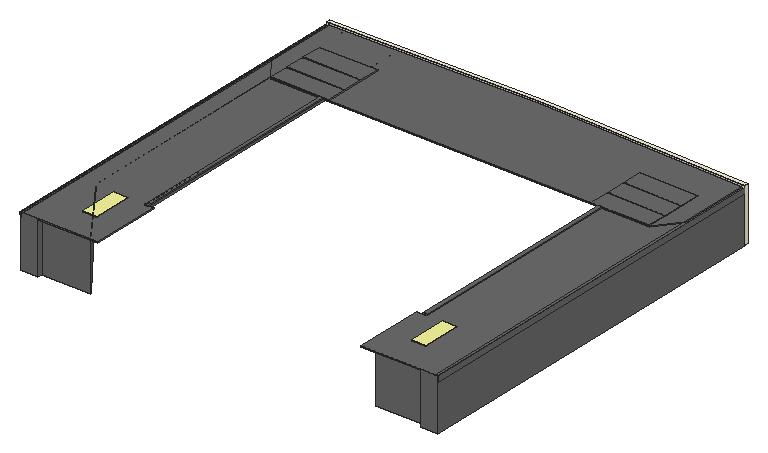
Revit family "Loading-Dock-Equipment_Shelter_McGuire_TC900", category Generic Models, Revit 2026
Family settings
  Can host rebar = No
  Round Connector Dimension = Use Diameter
  Part Type = Normal
  Classification Number = 23.50.70.00
  Work Plane-Based = Yes
  Always vertical = No
  Cut with Voids When Loaded = No
  Maintain Annotation Orientation = No
  Shared = No
  Room Calculation Point = No
Parameters (values of type "Flexible Soft Sides Steel Frame")
  Warranty Duration (Years) = 0
  Unit Width [instance] = Opening Width + (Panel Width * 2) + 0' 6"  # 12' - 0"
  Unit Height [instance] = 11' - 0"
  Unit Depth [instance] = 1' - 6"
  URL = "http://www.wbmcguire.com/"
  Test Data = ""
  Specification = ""
  SpecWizard = ""
  Send Message = ""
  Sales Information = "http://www.wbmcguire.com/Contact-Us"
  Revision = "R1_2017-01"
  Product Properties = ""
  Product Data = "http://www.arcat.com/arcatcos/cos36/arc36404.html"
  Panel Width [instance] = 2' - 0"
  Panel Material = Metal - Steel
  Overall Height [instance] = Unit Height + Header Height  # 11' - 3 3/8"
  Opening Width [instance] = 7' - 6"  # constant formula
  Opening Height [instance] = Overall Height - Curtain Drop  # 8' - 3 3/8"
  Model = "As Specified"
  Material = Polyethylene Sheeting - Black
  Manufacturer Website = "http://www.wbmcguire.com/"
  Manufacturer Phone - Toll Free = "800-624-8473"
  Manufacturer Phone = "262-257-7309"
  Manufacturer Fax = "262-255-4199"
  Manufacturer Address = "W194 N11481  McCormick Dr.   Germantown, WI 53022"
  Manufacturer = "McGuire"
  Maintenance Schedule (Months) = 0
  Keynote = "11160"
  Installation-Fabrication = ""
  Installation Phase = ""
  Flat Head Frame [instance] = no
  Header Height [instance] = if(Flat Head Frame, 0' 1 1/2", 0' 3 3/8")  # 0' - 3 3/8"
  Curtain Drop [instance] = 3' - 0"
  Guide Color = Polyethylene Sheeting - Yellow
  Green Building-LEED = "http://www.arcat.com/green/clients/leed_data_36404.html"
  Frame Thickness = 0' - 6"
  Expected Lifespan (Years) = 0
  Drawn By = "Sumex Design, Inc. / Robert S. Weygant, CSI, CDT, SCIP"
  Description = "McGuire Loading Dock Product as Specified"
  Default Elevation = 0' - 0"  # constant formula
  Copyright = "©Arcat Inc."
  Construction Details = ""
  Building Codes = ""
  Available Options [instance] = "as Specified"
  Assembly Code = "E1030300"
  Accent Material = Translucent Fiberglass
Types (2): name | Unit Height | Unit Depth | Overall Height | Curtain Drop | Frame Thickness | Accent Material
  Flexible Soft Sides Wood Frame | 10' - 6" | 2' - 0" | 10' - 9 3/8" | 2' - 6" | 0' - 4" | Metal - Aluminum Trim
  Flexible Soft Sides Steel Frame | 11' - 0" | 1' - 6" | 11' - 3 3/8" | 3' - 0" | 0' - 6" | Translucent Fiberglass
Reference planes (in)
  plane 1 "Base": y = 0
  plane 2 "Host": z = 0
  plane 3 "Center (Left/Right)": x = 0
  plane 4 "OH": y = 99.375
  plane 5 "Left": x = -45
  plane 6 "Right": x = 45
  plane 7 "Front": z = 18
  plane 8: x = -72
  plane 9: x = 72
  plane 10 "Top of Header": y = 132
  plane 11: x = -48
  plane 12: x = 48
  plane 13: y = 124
  plane 14: y = 118
  plane 15: y = 24
  plane 16: y = 135.375
  plane 17: y = 99.375
  plane 18: y = 107.375
  plane 19: x = 65.25
  plane 20: x = 45.25
  plane 21: x = -65.25
  plane 22: x = -45.25
  plane 23 "Leveler Curtain": y = -38
  plane 24: x = -66
  plane 25: x = 66
Forms (in)
  Sweep 1, solid, material "Polyethylene Sheeting - Black" <- "Material"
    path origin (0, 0, 0) x (1, 0, 0) y (0, 1, 0)
      loop
        line (-72, 0) -> (-72, 132)
    profile origin (-72, 66, 0) x (-1, 0, 0) y (0, 0, 1)
      loop
        line (0, 0) -> (0, 17.625) -> (-6, 17.625) -> (-6, 0) -> (0, 0)
  Sweep 2, solid, material "Polyethylene Sheeting - Black" <- "Material"
    path origin (0, 0, 0) x (-1, 0, 0) y (0, 1, 0)
      loop
        line (-72, 0) -> (-72, 132)
    profile origin (72, 66, 0) x (-1, 0, 0) y (0, 0, 1)
      loop
        line (0, 0) -> (6, 0) -> (6, 17.625) -> (0, 17.625) -> (0, 0)
  Extrusion 3, solid, material "Polyethylene Sheeting - Black" <- "Material"
    sketch origin (0, 0, 0) x (1, 0, 0) y (0, 0, 1)
      loop
        line (-72, 17.875) -> (-72, 17.625) -> (-48, 17.625) -> (-48, 17.875) -> (-72, 17.875)
      loop
        line (72, 17.875) -> (48, 17.875) -> (48, 17.625) -> (72, 17.625) -> (72, 17.875)
    from 0 to -132
  Extrusion 4, solid, material "Polyethylene Sheeting - Black" <- "Material"
    sketch origin (0, 0, 0) x (1, 0, 0) y (0, 1, 0)
      loop
        line (-71.2126, 132) -> (-71.2126, 107.375) -> (-65.35641, 99.375) -> (65.35641, 99.375) -> (71.2126, 107.375) -> (71.2126, 132) -> (0, 133.72831) -> (-71.2126, 132)
    from 17.875 to 18.125
  Extrusion 5, solid, material "Polyethylene Sheeting - Black" <- "Material"
    sketch origin (0, 0, 0) x (0, 1, 0) y (0, 0, 1)
      loop
        line (99.375, 18.125) -> (120.375, 18.125) -> (120.375, 18.25) -> (113.375, 18.375) -> (113.375, 18.25) -> (106.375, 18.375) -> (106.375, 18.25) -> (99.375, 18.375) -> (99.375, 18.125)
    from 45.25 to 65.25
  Extrusion 6, solid, material "Polyethylene Sheeting - Black" <- "Material"
    sketch origin (0, 0, 0) x (0, 1, 0) y (0, 0, -1)
      loop
        line (99.375, -18.125) -> (99.375, -18.375) -> (106.375, -18.25) -> (106.375, -18.375) -> (113.375, -18.25) -> (113.375, -18.375) -> (120.375, -18.25) -> (120.375, -18.125) -> (99.375, -18.125)
    from 45.25 to 65.25
  Extrusion 7, solid, material "Polyethylene Sheeting - Yellow" <- "Guide Color"
    sketch origin (0, 0, 0) x (1, 0, 0) y (0, 1, 0)
      loop
        line (-59.23575, 24) -> (-59.23575, 10.70217) -> (-54.23575, 10.70217) -> (-54.23575, 24) -> (-59.23575, 24)
      loop
        line (59.23575, 24) -> (54.23575, 24) -> (54.23575, 10.70217) -> (59.23575, 10.70217) -> (59.23575, 24)
    from 17.875 to 18
  Extrusion 8, solid, material "Translucent Fiberglass" <- "Accent Material"
    sketch origin (0, 0, 0) x (1, 0, 0) y (0, 1, 0)
      loop
        line (-72.125, 132) -> (-71.2126, 132) -> (0, 133.72831) -> (71.2126, 132) -> (72.125, 132) -> (72.125, 133.56339) -> (0, 135.375) -> (-72.125, 133.56339) -> (-72.125, 132)
    from 0 to 18.54654
  Blend 9, solid, material "Polyethylene Sheeting - Black" <- "Material"
    base sketch origin (0, 0, 0) x (1, 0, 0) y (0, 0, 1)
      loop
        line (49.1811, 17.625) -> (49.1811, 0) -> (66, 0) -> (66, 17.625) -> (49.1811, 17.625)
    top sketch origin (0, 0, 0) x (1, 0, 0) y (0, 0, 1)
      loop
        line (66, 17.625) -> (65.2126, 17.625) -> (65.2126, 16.8376) -> (66, 16.8376) -> (66, 17.625)
    from -1.5748 to -24
  Blend 10, solid, material "Polyethylene Sheeting - Black" <- "Material"
    base sketch origin (0, 0, 0) x (-1, 0, 0) y (0, 0, -1)
      loop
        line (49.1811, -17.625) -> (66, -17.625) -> (66, 0) -> (49.1811, 0) -> (49.1811, -17.625)
    top sketch origin (0, 0, 0) x (-1, 0, 0) y (0, 0, -1)
      loop
        line (66, -17.625) -> (66, -16.8376) -> (65.2126, -16.8376) -> (65.2126, -17.625) -> (66, -17.625)
    from -1.5748 to -24
  Extrusion 11, solid, material "Polyethylene Sheeting - Black" <- "Material"
    sketch origin (0, 0, 0) x (1, 0, 0) y (0, 0, 1)
      loop
        line (-48, 17.625) -> (-45.44094, 17.625) -> (-45.44094, 17.875) -> (-48, 17.875) -> (-48, 17.625)
      loop
        line (48, 17.625) -> (48, 17.875) -> (45.44094, 17.875) -> (45.44094, 17.625) -> (48, 17.625)
    from -24 to 0
  Sweep 12, solid, material "Polyethylene Sheeting - Black" <- "Material"
    path origin (0, 0, 0) x (1, 0, 0) y (0, 1, 0)
      loop
        line (0, 24) -> (0, 99.375)
    profile origin (0, 61.6875, 0) x (-1, 0, 0) y (0, 0, 1)
      loop
        circle (47.99997, 17.75012) r 0.5
      loop
        circle (-47.99997, 17.75012) r 0.5
  Extrusion 13, solid, material "Polyethylene Sheeting - Black" <- "Material"
    sketch origin (0, 0, 0) x (1, 0, 0) y (0, 0, 1)
      loop
        line (72.125, 18) -> (71.2126, 18) -> (71.2126, 17.875) -> (72, 17.875) -> (72, 16.125) -> (72.125, 16.125) -> (72.125, 18)
      loop
        line (-72.125, 18) -> (-72.125, 16.125) -> (-72, 16.125) -> (-72, 17.875) -> (-71.2126, 17.875) -> (-71.2126, 18) -> (-72.125, 18)
    from 0 to -132
Cuts and joins
  joined: Sweep 1, Sweep 2, Extrusion 3, Blend 9, Blend 10, Extrusion 11
Dimensions and locks (in)
  equal spacing: plane 5 "Left", plane 3 "Center (Left/Right)", plane 6 "Right"
  equal spacing: plane 8, plane 3 "Center (Left/Right)", plane 9
  locked: plane 5 "Left" to plane 6 "Right" at 90
  "Unit Width": plane 8 to plane 9
  "Opening Height": plane 1 "Base" to plane 4 "OH"
  "Unit Height": plane 1 "Base" to plane 10 "Top of Header"
  "Unit Depth": plane 7 "Front" to level
  locked: plane 10 "Top of Header" to plane 13 at 8
  locked: plane 7 "Front" to Extrusion 3 sketch curve at 0.125  (x2)
  plane 10 "Top of Header" to plane 14 = 1' - 2"
  locked: plane 1 "Base" to plane 15 at 24
  "Header Height": plane 16 to plane 10 "Top of Header"
  "Curtain Drop": plane 16 to plane 17
  locked: plane 18 to plane 17 at 8
  locked: Extrusion 4 to plane 7 "Front" at 0.125  (x2)
  locked: plane 7 "Front" to Sweep 2 sketch curve at 0.375
  locked: plane 21 to plane 22 at 20
  locked: plane 20 to plane 19 at 20
  locked: plane 17 to Extrusion 5 sketch curve at 7
  locked: plane 17 to Extrusion 5 sketch curve at 14
  locked: plane 17 to Extrusion 5 sketch curve at 21
  locked: plane 7 "Front" to Sweep 1 sketch curve at 0.375
  "Frame Thickness": plane 9 to plane 25
  "Frame Thickness": plane 24 to plane 8
  locked: plane 7 "Front" to Extrusion 3 sketch curve at 0.375
  plane 7 "Front" to Extrusion 3 sketch curve = 0' - 0 3/8"
  locked: plane 17 to Extrusion 6 sketch curve at 7
  locked: plane 17 to Extrusion 6 sketch curve at 14
  locked: plane 17 to Extrusion 6 sketch curve at 21
  locked: plane 8 to Extrusion 4 sketch curve at 0.7874
  locked: Extrusion 8 to plane 7 "Front" at 0.54654
  locked: Blend 9 sketch curve to plane 12 at 1.1811
  locked: plane 7 "Front" to Blend 9 sketch curve at 0.375  (x2)
  locked: plane 25 to Blend 9 sketch curve at 0.7874
  locked: Blend 9 sketch curve to Blend 9 sketch curve at 0.7874
  locked: Blend 10 sketch curve to Blend 10 sketch curve at 0.7874
  locked: Extrusion 11 sketch curve to plane 11 at 2.55906
  locked: plane 7 "Front" to Extrusion 11 sketch curve at 0.125  (x2)
  locked: Extrusion 11 sketch curve to Extrusion 11 sketch curve at 0.25
  locked: plane 12 to Extrusion 11 sketch curve at 2.55906
  locked: plane 7 "Front" to Extrusion 11 sketch curve at 0.375
  locked: plane 8 to Extrusion 13 sketch curve at 0.125
  locked: plane 9 to Extrusion 13 sketch curve at 0.125
  locked: plane 7 "Front" to Extrusion 13 sketch curve at 0.125  (x2)
  locked: Extrusion 13 sketch curve to Extrusion 13 sketch curve at 0.125  (x2)
  locked: Extrusion 8 sketch curve to plane 8 at 0.125
  locked: plane 9 to Extrusion 8 sketch curve at 0.125
  locked: plane 7 "Front" to Sweep 12 sketch curve at 0.24988  (x2)
  "Panel Width": plane 8 to plane 11
  "Panel Width": plane 12 to plane 9
  locked: Sweep 12 sketch curve to plane 11 at 0.00003
  locked: plane 12 to Sweep 12 sketch curve at 0.00003
  locked: plane 8 to plane 21 at 6.75
  locked: plane 19 to plane 9 at 6.75
  plane 8 to Extrusion 7 sketch curve to Extrusion 7 sketch curve = 1' - 0.76425" locked, 0' - 5" locked
  Extrusion 7 sketch curve to Extrusion 7 sketch curve to plane 9 = 0' - 5" locked, 1' - 0.76425" locked
  locked: plane 1 "Base" to Extrusion 7 sketch curve at 10.70217  (x2)
  aligned and locked: plane 8 to Sweep 1 sketch curve
  aligned and locked: level to Sweep 1 sketch curve
  aligned and locked: Sweep 1 sketch curve to plane 8
  aligned and locked: plane 9 to Sweep 2 sketch curve
  aligned and locked: plane 1 "Base" to Sweep 2 sketch curve
  aligned and locked: level to Sweep 2 sketch curve
  aligned and locked: Sweep 2 sketch curve to plane 9
  aligned and locked: Sweep 1 sketch curve to plane 1 "Base"
  aligned and locked: Extrusion 3 sketch curve to plane 11
  aligned and locked: plane 12 to Extrusion 3 sketch curve
  aligned and locked: plane 17 to Extrusion 4 sketch curve
  aligned and locked: plane 18 to Extrusion 4 sketch curve  (x2)
  aligned and locked: plane 10 "Top of Header" to Extrusion 3
  aligned and locked: plane 19 to Extrusion 5
  aligned and locked: Extrusion 5 to plane 20
  aligned and locked: plane 17 to Extrusion 5 sketch curve
  aligned and locked: Sweep 2 sketch curve to plane 25
  aligned and locked: Sweep 1 sketch curve to plane 24
  aligned and locked: Extrusion 3 sketch curve to plane 8
  aligned and locked: plane 22 to Extrusion 6
  aligned and locked: Extrusion 6 to plane 21
  aligned and locked: plane 7 "Front" to Extrusion 7
  aligned and locked: plane 3 "Center (Left/Right)" to Extrusion 8 sketch curve  (x2)
  aligned and locked: Extrusion 4 sketch curve to Extrusion 8  (x2)
  aligned and locked: Extrusion 3 sketch curve to plane 9
  aligned and locked: Extrusion 3 to plane 1 "Base"
  aligned and locked: plane 25 to Blend 9 sketch curve
  aligned and locked: Blend 9 sketch curve to level
  aligned and locked: Blend 9 sketch curve to plane 25
  aligned and locked: plane 15 to Blend 9
  aligned and locked: plane 15 to Blend 10
  aligned and locked: Extrusion 11 sketch curve to plane 11
  aligned and locked: Extrusion 11 sketch curve to plane 12
  aligned and locked: plane 15 to Extrusion 11
  aligned and locked: plane 1 "Base" to Extrusion 11
  aligned and locked: Blend 10 to Blend 9
  aligned and locked: plane 15 to Sweep 12 sketch curve
  aligned and locked: Extrusion 4 to Sweep 12 sketch curve
  aligned and locked: plane 3 "Center (Left/Right)" to Sweep 12 sketch curve
  aligned and locked: plane 10 "Top of Header" to Sweep 2 sketch curve
  aligned and locked: plane 10 "Top of Header" to Sweep 1 sketch curve
  aligned and locked: level to Extrusion 8
  aligned and locked: plane 9 to Extrusion 13 sketch curve
  aligned and locked: plane 8 to Extrusion 13 sketch curve
  aligned and locked: plane 10 "Top of Header" to Extrusion 13
  aligned and locked: plane 1 "Base" to Extrusion 13
  aligned and locked: Extrusion 7 to cut or joined group of Sweep 1, Sweep 2, Extrusion 3, Blend 9, Blend 10, Extrusion 11
  aligned and locked: plane 15 to Extrusion 7 sketch curve
  aligned and locked: Extrusion 7 sketch curve to plane 15
Automatic sketch dimensions
  Extrusion 3 sketch curve to Extrusion 3 sketch curve = 0' - 0 1/4"
  Extrusion 4 sketch curve to plane 10 "Top of Header" = 0' - 0"
  Extrusion 4 sketch curve to plane 21 = 0' - 0.10641"
  plane 19 to Extrusion 4 sketch curve = 0' - 0.10641"
  plane 7 "Front" to Extrusion 5 sketch curve = 0' - 0 1/8"
  plane 7 "Front" to Extrusion 5 sketch curve = 0' - 0 1/4"  (x2)
  Extrusion 5 sketch curve to Extrusion 5 sketch curve = 0' - 0 1/8"  (x3)
  Extrusion 5 sketch curve to Extrusion 5 sketch curve = 0' - 0 1/4"
  Extrusion 6 sketch curve to plane 17 = 0' - 0"
  plane 7 "Front" to Extrusion 6 sketch curve = 0' - 0 3/8"  (x3)
  plane 7 "Front" to Extrusion 6 sketch curve = 0' - 0 1/4"
  Extrusion 6 sketch curve to Extrusion 6 sketch curve = 0' - 0 1/8"  (x3)
  Extrusion 8 sketch curve to plane 10 "Top of Header" = 0' - 0"  (x2)
  Extrusion 8 sketch curve to plane 16 = 0' - 0"
  plane 8 to Extrusion 8 sketch curve = 0' - 0.7874"
  Extrusion 8 sketch curve to plane 9 = 0' - 0.7874"
  plane 10 "Top of Header" to Extrusion 8 sketch curve = 0' - 1.56339"
  Extrusion 8 sketch curve to Extrusion 8 sketch curve = 0' - 1.56339"
  Extrusion 8 sketch curve to plane 16 = 0' - 1.64669"
  Blend 10 sketch curve to level = 0' - 0"
  Blend 10 sketch curve to plane 24 = 0' - 0"  (x2)
  plane 7 "Front" to Blend 10 sketch curve = 0' - 0 3/8"  (x2)
  plane 11 to Blend 10 sketch curve = 0' - 1.1811"
  Blend 10 sketch curve to Blend 10 sketch curve = 0' - 0.7874"
  Extrusion 13 sketch curve to Extrusion 13 sketch curve = 0' - 0.7874"  (x2)
  Extrusion 13 sketch curve to Extrusion 13 sketch curve = 0' - 1 3/4"  (x2)
  radius of Sweep 12 sketch curve = 0' - 0 1/2"  (x2)
